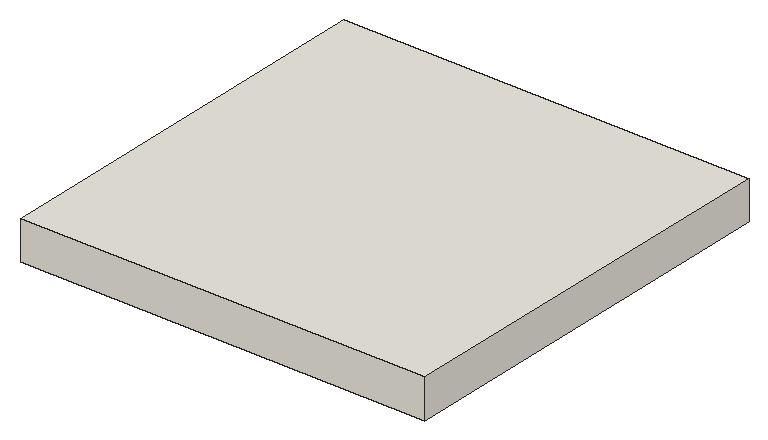
Revit family "UNIVERSAL", category Осветительные приборы, Revit 2019 (continued)
Types (12, lengths in mm): name | Файл фотометрической сетки | built-in parameter 1150105 | Lumens | built-in parameter 1150106 | built-in parameter 1150142 | Wattage | Emit from Rectangle Width | Emit from Rectangle Length | Длина | Ширина | ADSK_Ток | ADSK_Полная мощность | ADSK_Обозначение | ADSK_Номинальная мощность | ADSK_Наименование | ADSK_Код изделия
     448.461 380.999 \r\n315.708 253.277 194.001 136.304 84.721 37.873 2.663 \r\n2375.255 2374.564 2369.633 2360.461 2346.850 2328.998 2307.201 2281.362 2251.083 2217.845 2180.662 2140.028 2095.744 2049.092 1999.779 1947.013 1892.077 1834.281 \r\n1775.005 1713.659 1650.044 1585.147 1519.362 1452.196 1383.059 1311.060 1239.260 1167.655 1095.558 1023.363 950.378 877.393 804.409 731.523 658.933 587.329 516.711 447.574 380.112 \r\n314.919 252.487 193.311 135.712 84.326 37.578 2.663 \r\n2375.255 2374.466 2369.535 2360.362 2346.554 2328.703 2306.807 2280.769 2250.490 2217.155 2179.972 2139.238 2094.757 2048.106 1998.694 1945.927 1890.894 1832.999 \r\n1773.723 1712.278 1648.762 1583.767 1517.981 1450.717 1381.678 1309.581 1237.878 1166.274 1094.276 1022.081 949.096 876.210 803.126 730.438 657.847 586.244 515.627 446.587 379.322 \r\n314.130 251.797 192.719 135.219 83.833 37.281 2.663 \r\n2375.255 2374.466 2369.436 2360.165 2346.258 2328.407 2306.412 2280.276 2249.899 2216.562 2179.183 2138.449 2093.869 2047.120 1997.708 1944.843 1889.710 1831.815 \r\n1772.442 1710.996 1647.381 1582.385 1516.601 1449.337 1380.297 1308.101 1236.497 1164.894 1092.895 1020.798 947.814 874.928 801.943 729.254 656.763 585.258 514.640 445.601 378.435 \r\n313.242 251.107 192.029 134.627 83.439 36.985 2.663 \r\n2375.255 2374.367 2369.337 2359.968 2346.061 2328.012 2306.018 2279.783 2249.307 2215.873 2178.492 2137.562 2092.982 2046.233 1996.622 1943.758 1888.526 1830.533 \r\n1771.258 1709.714 1646.000 1581.004 1515.121 1447.956 1378.817 1306.622 1235.117 1163.611 1091.613 1019.418 946.532 873.744 800.760 728.169 655.678 584.173 513.654 444.713 377.547 \r\n312.453 250.318 191.436 134.134 83.044 36.690 2.564 \r\n2375.255 2374.269 2369.238 2359.770 2345.765 2327.716 2305.525 2279.290 2248.715 2215.182 2177.704 2136.772 2091.996 2045.246 1995.538 1942.575 1887.442 1829.350 \r\n1769.976 1708.333 1644.620 1579.624 1513.740 1446.476 1377.437 1305.142 1233.736 1162.231 1090.232 1018.136 945.348 872.462 799.576 726.986 654.495 583.088 512.668 443.727 376.660 \r\n311.664 249.627 190.747 133.641 82.651 36.394 2.564 \r\n2375.255 2374.269 2369.140 2359.672 2345.568 2327.322 2305.130 2278.797 2248.124 2214.590 2177.013 2135.885 2091.108 2044.260 1994.551 1941.489 1886.258 1828.068 \r\n1768.694 1707.051 1643.338 1578.243 1512.360 1445.095 1376.056 1303.663 1232.356 1160.850 1088.950 1016.853 944.066 871.278 798.392 725.901 653.409 582.102 511.681 442.839 375.772 \r\n310.875 248.839 190.154 133.049 82.256 36.098 2.564 \r\n2375.255 2374.170 2369.042 2359.475 2345.272 2327.026 2304.735 2278.304 2247.532 2213.900 2176.224 2135.096 2090.220 2043.274 1993.466 1940.405 1885.074 1826.884 \r\n1767.411 1705.671 1641.957 1576.863 1510.979 1443.715 1374.676 1302.085 1231.073 1159.568 1087.570 1015.571 942.784 869.996 797.209 724.717 652.325 581.016 510.695 441.852 374.884 \r\n310.086 248.148 189.464 132.556 81.762 35.802 2.564 \r\n2375.255 2374.170 2368.942 2359.277 2345.074 2326.730 2304.242 2277.810 2246.940 2213.209 2175.534 2134.307 2089.333 2042.386 1992.480 1939.221 1883.890 1825.602 \r\n1766.129 1704.388 1640.576 1575.482 1509.598 1442.235 1373.195 1300.606 1229.692 1158.187 1086.287 1014.289 941.501 868.813 796.026 723.534 651.240 579.932 509.709 440.965 373.997 \r\n309.199 247.457 188.872 131.964 81.368 35.605 2.466 \r\n2375.255 2374.071 2368.844 2359.080 2344.779 2326.335 2303.848 2277.317 2246.348 2212.617 2174.745 2133.420 2088.347 2041.399 1991.395 1938.136 1882.708 1824.418 \r\n1764.945 1703.106 1639.195 1574.100 1508.118 1440.854 1371.815 1299.127 1228.311 1156.806 1084.907 1013.007 940.219 867.531 794.842 722.449 650.155 578.945 508.723 439.979 373.109 \r\n308.409 246.669 188.182 131.471 80.974 35.308 2.466 \r\n2375.255 2374.071 2368.745 2358.882 2344.581 2326.040 2303.454 2276.824 2245.757 2211.928 2174.054 2132.631 2087.459 2040.413 1990.311 1937.051 1881.524 1823.136 \r\n1763.663 1701.726 1637.912 1572.720 1506.738 1439.474 1370.434 1297.647 1226.931 1155.525 1083.625 1011.725 938.937 866.347 793.658 721.266 649.070 577.861 507.736 439.091 372.320 \r\n307.620 245.978 187.590 130.978 80.579 35.013 2.466 \r\n2375.255 2373.973 2368.647 2358.784 2344.286 2325.645 2303.060 2276.331 2245.165 2211.237 2173.265 2131.743 2086.571 2039.427 1989.324 1935.867 1880.340 1821.853 \r\n1762.381 1700.443 1636.532 1571.339 1505.357 1437.995 1369.054 1296.168 1225.550 1154.143 1082.244 1010.344 937.754 865.163 792.475 720.181 647.985 576.875 506.750 438.105 371.432 \r\n306.831 245.189 186.900 130.386 80.086 34.717 2.367 \r\n2375.255 2373.874 2368.549 2358.587 2344.088 2325.349 2302.566 2275.838 2244.573 2210.645 2172.575 2130.954 2085.584 2038.441 1988.239 1934.783 1879.256 1820.671 \r\n1761.099 1699.062 1635.151 1569.959 1503.977 1436.613 1367.673 1294.589 1224.169 1152.762 1080.962 1009.062 936.472 863.881 791.291 718.997 646.802 575.789 505.764 437.218 370.545 \r\n306.042 244.499 186.308 129.892 79.692 34.421 2.367 \r\n2375.255 2373.874 2368.351 2358.389 2343.792 2324.955 2302.172 2275.345 2243.981 2209.955 2171.786 2130.165 2084.697 2037.553 1987.154 1933.698 1878.072 1819.388 \r\n1759.817 1697.780 1633.869 1568.578 1502.596 1435.232 1366.193 1293.110 1222.789 1151.480 1079.580 1007.780 935.190 862.698 790.108 717.814 645.716 574.705 504.678 436.232 369.657 \r\n305.154 243.808 185.618 129.399 79.297 34.126 2.367 \r\n2375.255 2373.776 2368.252 2358.193 2343.497 2324.658 2301.777 2274.753 2243.488 2209.264 2171.095 2129.277 2083.809 2036.566 1986.168 1932.514 1876.888 1818.205 \r\n1758.634 1696.497 1632.488 1567.196 1501.116 1433.753 1364.812 1291.630 1221.407 1150.100 1078.298 1006.497 933.908 861.416 788.924 716.729 644.632 573.718 503.692 435.343 368.770 \r\n304.366 243.019 184.927 128.808 78.902 33.829 2.367 \r\n2375.255 2373.776 2368.154 2358.093 2343.299 2324.363 2301.284 2274.260 2242.896 2208.672 2170.307 2128.488 2082.922 2035.580 1985.083 1931.429 1875.705 1816.922 \r\n1757.352 1695.117 1631.108 1565.816 1499.735 1432.373 1363.432 1290.151 1220.125 1148.719 1076.917 1005.215 932.625 860.232 787.741 715.545 643.546 572.633 502.706 434.357 367.882 \r\n303.577 242.329 184.336 128.315 78.409 33.533 2.268 \r\n2375.255 2373.676 2368.055 2357.896 2343.004 2323.969 2300.890 2273.767 2242.305 2207.982 2169.616 2127.600 2081.936 2034.594 1983.998 1930.344 1874.521 1815.739 \r\n1756.069 1693.835 1629.727 1564.435 1498.355 1430.991 1362.051 1288.671 1218.744 1147.437 1075.635 1003.933 931.343 858.950 786.557 714.460 642.462 571.548 501.719 433.469 366.994 \r\n302.788 241.638 183.645 127.723 78.015 33.238 2.268 \r\n2375.255 2373.776 2368.154 2358.093 2343.299 2324.363 2301.284 2274.260 2242.896 2208.672 2170.307 2128.488 2082.922 2035.580 1985.083 1931.429 1875.705 1816.922 \r\n1757.352 1695.117 1631.108 1565.816 1499.735 1432.373 1363.432 1290.151 1220.125 1148.719 1076.917 1005.215 932.625 860.232 787.741 715.545 643.546 572.633 502.706 434.357 367.882 \r\n303.577 242.329 184.336 128.315 78.409 33.533 2.268 \r\n2375.255 2373.776 2368.252 2358.193 2343.497 2324.658 2301.777 2274.753 2243.488 2209.264 2171.095 2129.277 2083.809 2036.566 1986.168 1932.514 1876.888 1818.205 \r\n1758.634 1696.497 1632.488 1567.196 1501.116 1433.753 1364.812 1291.630 1221.407 1150.100 1078.298 1006.497 933.908 861.416 788.924 716.729 644.632 573.718 503.692 435.343 368.770 \r\n304.366 243.019 184.927 128.808 78.902 33.829 2.367 \r\n2375.255 2373.874 2368.351 2358.389 2343.792 2324.955 2302.172 2275.345 2243.981 2209.955 2171.786 2130.165 2084.697 2037.553 1987.154 1933.698 1878.072 1819.388 \r\n1759.817 1697.780 1633.869 1568.578 1502.596 1435.232 1366.193 1293.110 1222.789 1151.480 1079.580 1007.780 935.190 862.698 790.108 717.814 645.716 574.705 504.678 436.232 369.657 \r\n305.154 243.808 185.618 129.399 79.297 34.126 2.367 \r\n2375.255 2373.874 2368.549 2358.587 2344.088 2325.349 2302.566 2275.838 2244.573 2210.645 2172.575 2130.954 2085.584 2038.441 1988.239 1934.783 1879.256 1820.671 \r\n1761.099 1699.062 1635.151 1569.959 1503.977 1436.613 1367.673 1294.589 1224.169 1152.762 1080.962 1009.062 936.472 863.881 791.291 718.997 646.802 575.789 505.764 437.218 370.545 \r\n306.042 244.499 186.308 129.892 79.692 34.421 2.367 \r\n2375.255 2373.973 2368.647 2358.784 2344.286 2325.645 2303.060 2276.331 2245.165 2211.237 2173.265 2131.743 2086.571 2039.427 1989.324 1935.867 1880.340 1821.853 \r\n1762.381 1700.443 1636.532 1571.339 1505.357 1437.995 1369.054 1296.168 1225.550 1154.143 1082.244 1010.344 937.754 865.163 792.475 720.181 647.985 576.875 506.750 438.105 371.432 \r\n306.831 245.189 186.900 130.386 80.086 34.717 2.367 \r\n2375.255 2374.071 2368.745 2358.882 2344.581 2326.040 2303.454 2276.824 2245.757 2211.928 2174.054 2132.631 2087.459 2040.413 1990.311 1937.051 1881.524 1823.136 \r\n1763.663 1701.726 1637.912 1572.720 1506.738 1439.474 1370.434 1297.647 1226.931 1155.525 1083.625 1011.725 938.937 866.347 793.658 721.266 649.070 577.861 507.736 439.091 372.320 \r\n307.620 245.978 187.590 130.978 80.579 35.013 2.466 \r\n2375.255 2374.071 2368.844 2359.080 2344.779 2326.335 2303.848 2277.317 2246.348 2212.617 2174.745 2133.420 2088.347 2041.399 1991.395 1938.136 1882.708 1824.418 \r\n1764.945 1703.106 1639.195 1574.100 1508.118 1440.854 1371.815 1299.127 1228.311 1156.806 1084.907 1013.007 940.219 867.531 794.842 722.449 650.155 578.945 508.723 439.979 373.109 \r\n308.409 246.669 188.182 131.471 80.974 35.308 2.466 \r\n2375.255 2374.170 2368.942 2359.277 2345.074 2326.730 2304.242 2277.810 2246.940 2213.209 2175.534 2134.307 2089.333 2042.386 1992.480 1939.221 1883.890 1825.602 \r\n1766.129 1704.388 1640.576 1575.482 1509.598 1442.235 1373.195 1300.606 1229.692 1158.187 1086.287 1014.289 941.501 868.813 796.026 723.534 651.240 579.932 509.709 440.965 373.997 \r\n309.199 247.457 188.872 131.964 81.368 35.605 2.466 \r\n2375.255 2374.170 2369.042 2359.475 2345.272 2327.026 2304.735 2278.304 2247.532 2213.900 2176.224 2135.096 2090.220 2043.274 1993.466 1940.405 1885.074 1826.884 \r\n1767.411 1705.671 1641.957 1576.863 1510.979 1443.715 1374.676 1302.085 1231.073 1159.568 1087.570 1015.571 942.784 869.996 797.209 724.717 652.325 581.016 510.695 441.852 374.884 \r\n310.086 248.148 189.464 132.556 81.762 35.802 2.564 \r\n2375.255 2374.269 2369.140 2359.672 2345.568 2327.322 2305.130 2278.797 2248.124 2214.590 2177.013 2135.885 2091.108 2044.260 1994.551 1941.489 1886.258 1828.068 \r\n1768.694 1707.051 1643.338 1578.243 1512.360 1445.095 1376.056 1303.663 1232.356 1160.850 1088.950 1016.853 944.066 871.278 798.392 725.901 653.409 582.102 511.681 442.839 375.772 \r\n310.875 248.839 190.154 133.049 82.256 36.098 2.564 \r\n2375.255 2374.269 2369.238 2359.770 2345.765 2327.716 2305.525 2279.290 2248.715 2215.182 2177.704 2136.772 2091.996 2045.246 1995.538 1942.575 1887.442 1829.350 \r\n1769.976 1708.333 1644.620 1579.624 1513.740 1446.476 1377.437 1305.142 1233.736 1162.231 1090.232 1018.136 945.348 872.462 799.576 726.986 654.495 583.088 512.668 443.727 376.660 \r\n311.664 249.627 190.747 133.641 82.651 36.394 2.564 \r\n2375.255 2374.367 2369.337 2359.968 2346.061 2328.012 2306.018 2279.783 2249.307 2215.873 2178.492 2137.562 2092.982 2046.233 1996.622 1943.758 1888.526 1830.533 \r\n1771.258 1709.714 1646.000 1581.004 1515.121 1447.956 1378.817 1306.622 1235.117 1163.611 1091.613 1019.418 946.532 873.744 800.760 728.169 655.678 584.173 513.654 444.713 377.547 \r\n312.453 250.318 191.436 134.134 83.044 36.690 2.564 \r\n2375.255 2374.466 2369.436 2360.165 2346.258 2328.407 2306.412 2280.276 2249.899 2216.562 2179.183 2138.449 2093.869 2047.120 1997.708 1944.843 1889.710 1831.815 \r\n1772.442 1710.996 1647.381 1582.385 1516.601 1449.337 1380.297 1308.101 1236.497 1164.894 1092.895 1020.798 947.814 874.928 801.943 729.254 656.763 585.258 514.640 445.601 378.435 \r\n313.242 251.107 192.029 134.627 83.439 36.985 2.663 \r\n2375.255 2374.466 2369.535 2360.362 2346.554 2328.703 2306.807 2280.769 2250.490 2217.155 2179.972 2139.238 2094.757 2048.106 1998.694 1945.927 1890.894 1832.999 \r\n1773.723 1712.278 1648.762 1583.767 1517.981 1450.717 1381.678 1309.581 1237.878 1166.274 1094.276 1022.081 949.096 876.210 803.126 730.438 657.847 586.244 515.627 446.587 379.322 \r\n314.130 251.797 192.719 135.219 83.833 37.281 2.663 \r\n2375.255 2374.564 2369.633 2360.461 2346.850 2328.998 2307.201 2281.362 2251.083 2217.845 2180.662 2140.028 2095.744 2049.092 1999.779 1947.013 1892.077 1834.281 \r\n1775.005 1713.659 1650.044 1585.147 1519.362 1452.196 1383.059 1311.060 1239.260 1167.655 1095.558 1023.363 950.378 877.393 804.409 731.523 658.933 587.329 516.711 447.574 380.112 \r\n314.919 252.487 193.311 135.712 84.326 37.578 2.663 \r\n2375.255 2374.564 2369.731 2360.658 2347.047 2329.393 2307.694 2281.855 2251.674 2218.535 2181.451 2140.915 2096.631 2050.078 2000.863 1948.197 1893.260 1835.563 \r\n1776.287 1714.941 1651.425 1586.528 1520.743 1453.578 1384.439 1312.639 1240.640 1168.937 1096.939 1024.645 951.661 878.577 805.592 732.706 660.017 588.414 517.697 448.461 380.999 \r\n315.708 253.277 194.001 136.304 84.721 37.873 2.663 \r\n2375.255 2374.663 2369.831 2360.855 2347.343 2329.689 2308.089 2282.348 2252.266 2219.127 2182.142 2141.704 2097.519 2050.967 2001.849 1949.281 1894.444 1836.747 \r\n1777.570 1716.322 1652.806 1587.908 1522.124 1454.959 1385.919 1314.118 1242.021 1170.319 1098.320 1025.927 952.943 879.859 806.776 733.890 661.103 589.401 518.684 449.447 381.887 \r\n316.497 253.966 194.593 136.797 85.116 38.169 2.761 \r\n2375.255 2374.663 2369.929 2361.052 2347.540 2330.083 2308.484 2282.841 2252.858 2219.818 2182.931 2142.493 2098.407 2051.953 2002.935 1950.366 1895.627 1838.029 \r\n1778.753 1717.604 1654.088 1589.289 1523.603 1456.339 1387.300 1315.597 1243.303 1171.699 1099.602 1027.209 954.126 881.043 807.959 734.975 662.287 590.485 519.670 450.335 382.774 \r\n317.285 254.657 195.283 137.290 85.510 38.366 2.761 \r\n2375.255 2374.762 2370.028 2361.250 2347.836 2330.380 2308.977 2283.334 2253.449 2220.507 2183.720 2143.381 2099.393 2052.939 2004.019 1951.549 1896.811 1839.212 \r\n1780.036 1718.886 1655.469 1590.671 1524.984 1457.818 1388.680 1317.077 1244.684 1172.981 1100.983 1028.492 955.408 882.325 809.143 736.159 663.371 591.570 520.656 451.321 383.662 \r\n318.075 255.446 195.874 137.882 86.003 38.662 2.761 \r\n2375.255 2374.860 2370.224 2361.348 2348.033 2330.773 2309.371 2283.827 2254.042 2221.100 2184.410 2144.169 2100.280 2053.925 2005.006 1952.635 1897.896 1840.494 \r\n1781.318 1720.267 1656.849 1592.051 1526.365 1459.199 1390.061 1318.556 1246.064 1174.362 1102.265 1029.872 956.690 883.509 810.327 737.243 664.456 592.556 521.642 452.208 384.550 \r\n318.962 256.136 196.565 138.375 86.398 38.958 2.861 \r\n2375.255 2374.860 2370.324 2361.545 2348.329 2331.069 2309.766 2284.320 2254.633 2221.790 2185.199 2145.057 2101.168 2054.912 2006.091 1953.719 1899.079 1841.678 \r\n1782.600 1721.549 1658.230 1593.432 1527.745 1460.580 1391.442 1320.134 1247.445 1175.743 1103.646 1031.154 957.972 884.790 811.511 738.427 665.541 593.641 522.629 453.195 385.437 \r\n319.751 256.925 197.157 138.868 86.792 39.253 2.861 \r\n2375.255 2374.959 2370.422 2361.743 2348.526 2331.366 2310.160 2284.814 2255.224 2222.480 2185.890 2145.846 2102.155 2055.800 2007.077 1954.903 1900.263 1842.960 \r\n1783.882 1722.930 1659.512 1594.812 1529.127 1462.059 1392.922 1321.613 1248.826 1177.123 1104.928 1032.437 959.254 885.974 812.693 739.611 666.626 594.726 523.615 454.083 386.325 \r\n320.541 257.616 197.847 139.459 87.187 39.550 2.861 \r\n2375.255 2374.959 2370.521 2361.940 2348.822 2331.760 2310.653 2285.307 2255.817 2223.072 2186.678 2146.635 2103.042 2056.786 2008.162 1955.988 1901.447 1844.242 \r\n1785.066 1724.212 1660.893 1596.193 1530.606 1463.440 1394.302 1323.093 1250.207 1178.405 1106.309 1033.719 960.537 887.158 813.877 740.695 667.711 595.712 524.601 455.069 387.213 \r\n321.330 258.306 198.439 139.953 87.680 39.846 2.861 \r\n2375.255 2375.058 2370.619 2362.138 2349.020 2332.055 2311.048 2285.800 2256.408 2223.763 2187.369 2147.523 2103.930 2057.772 2009.246 1957.073 1902.631 1845.426 \r\n1786.348 1725.494 1662.274 1597.574 1531.986 1464.821 1395.683 1324.572 1251.588 1179.786 1107.591 1035.001 961.721 888.440 815.061 741.879 668.796 596.798 525.587
